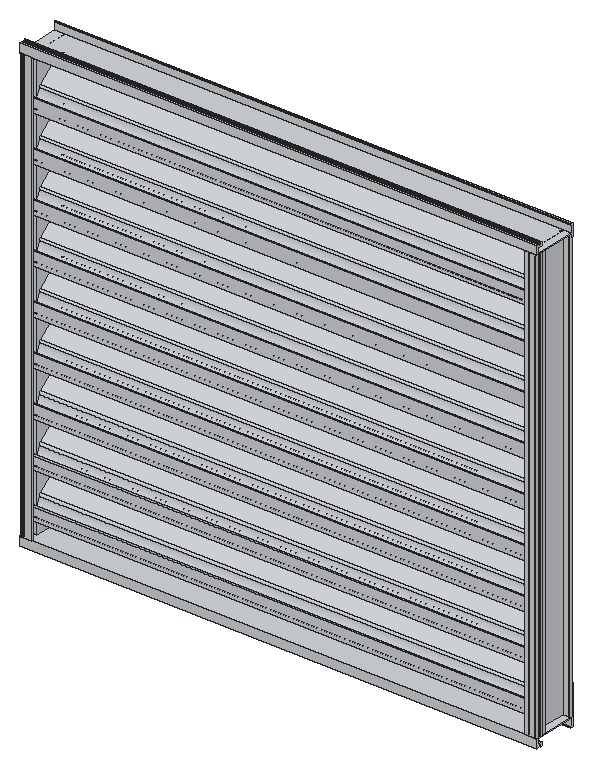
Revit family "LBD-4E", category Mechanical Equipment, Revit 2015
Parameters
  URL = "https://unitedenertech.com/catalog/pdf/A_33%20LBD-E,I.pdf"
  Type Comments = "Max. Single Section Size is (60\"w  x  120\"h)"
  Number of Blades [instance] = rounddown((Exact Height - 0' 3") / Blade Spacing)  # 9
  Model = "LBD-4E"
  Manufacturer = "United Enertech Corporation"
  Exact Width = 4' - 0"
  Exact Height = 3' - 6"
  Description = "4\" Combination Louver-Backdraft Damper"
  Depth = 0' - 4.162"
  Blade Spacing = 0' - 4 1/4"
  BW [instance] = Exact Width - 0' 1 11/16" - 0' 0 1/8"  # 3' - 10 3/16"
Reference planes (in)
  plane 1 "Center (Front/Back)": y = 0
  plane 2: z = 0
  plane 3 "Center (Left/Right)": x = 0
  plane 4: x = 48
  plane 5: y = 4.162
  plane 6: z = 42
  plane 7: x = 24
  plane 8: x = 0.834
  plane 9: x = 47.166
  plane 10: z = 41.125
  plane 11: z = 0.875
  plane 12: z = 39.13269
  plane 13: z = 2.17742
  plane 14: z = 40.95594
Forms (in)
  Extrusion 1, solid
    sketch origin (0, 5.41283, 10.13547) x (0, 0, -1) y (0, 1, 0)
      loop
        line (10.13547, -4.83183) -> (9.81047, -4.83183) -> (9.81047, -5.33183) -> (9.34147, -5.33183) -> (9.34147, -1.33183) -> (10.05447, -1.33183) -> (10.05447, -1.43883) -> (10.13547, -1.43883) -> (10.13547, -1.25083) -> (6.46047, -1.25083) -> (6.46047, -1.33183) -> (9.26047, -1.33183) -> (9.26047, -5.41283) -> (10.06047, -5.41283) -> (10.06047, -5.19483) -> (9.97947, -5.19483) -> (9.97947, -5.33183) -> (9.89147, -5.33183) -> (9.89147, -4.91283) -> (9.97947, -4.91283) -> (9.97947, -4.97583) -> (10.06047, -4.97583) -> (10.06047, -4.91283) -> (10.13547, -4.91283) -> (10.13547, -4.83183)
    from 0 to 48
  Extrusion 2, solid
    sketch origin (0, -23.24382, 44.20622) x (0, 1, 0) y (0, 0, 1)
      loop
        line (23.74382, -2.20622) -> (23.74382, -2.28122) -> (23.68082, -2.28122) -> (23.68082, -2.36222) -> (23.74382, -2.36222) -> (23.74382, -2.45022) -> (23.32482, -2.45022) -> (23.32482, -2.36222) -> (23.46182, -2.36222) -> (23.46182, -2.28122) -> (23.24382, -2.28122) -> (23.24382, -3.08122) -> (27.32482, -3.08122) -> (27.32482, -3.33122) -> (27.40582, -3.33122) -> (27.40582, -2.20622) -> (27.21782, -2.20622) -> (27.21782, -2.28722) -> (27.32482, -2.28722) -> (27.32482, -3.00022) -> (23.32482, -3.00022) -> (23.32482, -2.53122) -> (23.82482, -2.53122) -> (23.82482, -2.20622) -> (23.74382, -2.20622)
    from 0 to 48
  Extrusion 3, solid
    sketch origin (-8.88505, 11.19335, 0) x (1, 0, 0) y (0, 1, 0)
      loop
        line (10.01005, -11.11235) -> (9.71905, -11.11235) -> (9.71905, -11.00535) -> (9.63805, -11.00535) -> (9.63805, -11.11235) -> (9.18105, -11.11235) -> (9.18105, -10.61235) -> (9.01205, -10.61235) -> (9.01205, -10.27435) -> (9.71905, -10.27435) -> (9.71905, -7.16235) -> (10.01005, -7.16235) -> (10.01005, -7.11235) -> (8.88505, -7.11235) -> (8.88505, -7.30035) -> (8.96605, -7.30035) -> (8.96605, -7.19335) -> (9.63805, -7.19335) -> (9.63805, -10.19335) -> (8.93105, -10.19335) -> (8.93105, -10.61235) -> (8.88505, -10.61235) -> (8.88505, -10.69335) -> (8.93105, -10.69335) -> (8.93105, -10.75535) -> (9.01205, -10.75535) -> (9.01205, -10.69335) -> (9.10005, -10.69335) -> (9.10005, -11.11235) -> (9.01205, -11.11235) -> (9.01205, -10.97435) -> (8.93105, -10.97435) -> (8.93105, -11.19335) -> (10.01005, -11.19335) -> (10.01005, -11.11235)
    from 0.875 to 41.125
  Extrusion 4, solid
    sketch origin (58.3602, 6.89713, 0) x (-1, 0, 0) y (0, -1, 0)
      loop
        line (11.4852, 2.81613) -> (11.4852, 2.86613) -> (11.1942, 2.86613) -> (11.1942, 5.97813) -> (10.4872, 5.97813) -> (10.4872, 6.31613) -> (10.6562, 6.31613) -> (10.6562, 6.81613) -> (11.1132, 6.81613) -> (11.1132, 6.70913) -> (11.1942, 6.70913) -> (11.1942, 6.81613) -> (11.4852, 6.81613) -> (11.4852, 6.89713) -> (10.4062, 6.89713) -> (10.4062, 6.67813) -> (10.4872, 6.67813) -> (10.4872, 6.81613) -> (10.5752, 6.81613) -> (10.5752, 6.39713) -> (10.4872, 6.39713) -> (10.4872, 6.45913) -> (10.4062, 6.45913) -> (10.4062, 6.39713) -> (10.3602, 6.39713) -> (10.3602, 6.31613) -> (10.4062, 6.31613) -> (10.4062, 5.89713) -> (11.1132, 5.89713) -> (11.1132, 2.89713) -> (10.4412, 2.89713) -> (10.4412, 3.00413) -> (10.3602, 3.00413) -> (10.3602, 2.81613) -> (11.4852, 2.81613)
    from 0.875 to 41.125
Dimensions and locks (in)
  "Exact Width": plane 3 "Center (Left/Right)" to plane 4
  "Depth": plane 5 to plane 1 "Center (Front/Back)"  (x2)
  "Exact Width": plane 4 to plane 3 "Center (Left/Right)"
  equal spacing: plane 3 "Center (Left/Right)", plane 7, plane 4
  locked: plane 3 "Center (Left/Right)" to plane 8 at 0.834
  locked: plane 9 to plane 4 at 0.834
  "Exact Height": plane 6 to level
  locked: plane 11 to level at 0.875
  locked: plane 6 to plane 10 at 0.875
  equal spacing: group 1, group 2, group 3, group 4, group 5, group 6, group 7, group 8, group 9  (x2)
  equal spacing: group 9, group 8, group 7, group 6, group 5, group 4, group 3, group 2, group 1
  "Blade Spacing": nested 2 to nested 1
  locked: plane 6 to plane 12 at 2.86731
  locked: plane 13 to level at 2.17742
  locked: plane 6 to plane 14 at 1.04406
  aligned and locked: level to plane 2
  aligned and locked: level to Extrusion 1
  aligned and locked: plane 5 to Extrusion 1
  aligned and locked: plane 4 to Extrusion 1
  aligned and locked: Extrusion 1 to plane 3 "Center (Left/Right)"
  aligned and locked: plane 6 to Extrusion 2  (x2)
  aligned and locked: Extrusion 2 to plane 3 "Center (Left/Right)"
  aligned and locked: plane 4 to Extrusion 2
  aligned and locked: Extrusion 3 to plane 11
  aligned and locked: plane 10 to Extrusion 3
  aligned and locked: Extrusion 3 to Extrusion 3  (x3)
  aligned and locked: Extrusion 4 to plane 11
  aligned and locked: plane 10 to Extrusion 4
  aligned and locked: plane 4 to Extrusion 4
  aligned and locked: Extrusion 3 to Extrusion 2
  aligned and locked: Extrusion 4 to Extrusion 2
  aligned and locked: Extrusion 2 to plane 10
  aligned and locked: plane 7 to nested 1
  aligned and locked: plane 10 to nested 1
  aligned and locked: nested 1 to Extrusion 3
  aligned and locked: nested 2 to nested 1
Automatic sketch dimensions
  Extrusion 1 sketch curve to plane 5 = 0' - 0"
  plane 11 to Extrusion 1 sketch curve = 0' - 0"
  Extrusion 1 sketch curve to plane 1 "Center (Front/Back)" = 0' - 0"
  Extrusion 1 sketch curve to level = 0' - 0"  (x2)
  plane 11 to Extrusion 1 sketch curve = 0' - 2.8"
  Extrusion 1 sketch curve to Extrusion 1 sketch curve = 0' - 0.081"  (x3)
  level to Extrusion 1 sketch curve = 0' - 0.325"
  Extrusion 1 sketch curve to Extrusion 1 sketch curve = 0' - 0.088"  (x2)
  level to Extrusion 1 sketch curve = 0' - 0.081"
  level to Extrusion 1 sketch curve = 0' - 0.075"  (x2)
  Extrusion 1 sketch curve to plane 1 "Center (Front/Back)" = 0' - 0.081"  (x2)
  Extrusion 1 sketch curve to Extrusion 1 sketch curve = 0' - 0.137"
  Extrusion 1 sketch curve to Extrusion 1 sketch curve = 0' - 0.219"
  Extrusion 1 sketch curve to Extrusion 1 sketch curve = 0' - 0.063"  (x2)
  Extrusion 1 sketch curve to plane 5 = 0' - 0.188"
  Extrusion 1 sketch curve to plane 5 = 0' - 0.081"
  Extrusion 1 sketch curve to Extrusion 1 sketch curve = 0' - 0"
  Extrusion 2 sketch curve to plane 1 "Center (Front/Back)" = 0' - 0"
  Extrusion 2 sketch curve to plane 6 = 0' - 0"  (x2)
  plane 10 to Extrusion 2 sketch curve = 0' - 0"
  Extrusion 2 sketch curve to plane 5 = 0' - 0"
  Extrusion 2 sketch curve to plane 1 "Center (Front/Back)" = 0' - 0.081"  (x2)
  Extrusion 2 sketch curve to Extrusion 2 sketch curve = 0' - 0.137"
  Extrusion 2 sketch curve to plane 6 = 0' - 0.075"  (x2)
  Extrusion 2 sketch curve to Extrusion 2 sketch curve = 0' - 0.219"
  Extrusion 2 sketch curve to Extrusion 2 sketch curve = 0' - 0.063"  (x2)
  Extrusion 2 sketch curve to Extrusion 2 sketch curve = 0' - 0.081"  (x3)
  Extrusion 2 sketch curve to plane 5 = 0' - 0.188"
  Extrusion 2 sketch curve to plane 5 = 0' - 0.081"  (x2)
  Extrusion 2 sketch curve to plane 10 = 0' - 0 1/4"
  plane 10 to Extrusion 2 sketch curve = 0' - 0.081"
  Extrusion 2 sketch curve to Extrusion 2 sketch curve = 0' - 0 1/4"
  Extrusion 2 sketch curve to Extrusion 2 sketch curve = 0' - 0.088"
  Extrusion 2 sketch curve to plane 6 = 0' - 0.081"
  Extrusion 3 sketch curve to plane 3 "Center (Left/Right)" = 0' - 0"  (x2)
  plane 1 "Center (Front/Back)" to Extrusion 3 sketch curve = 0' - 0"
  Extrusion 3 sketch curve to plane 8 = 0' - 0"  (x2)
  Extrusion 3 sketch curve to Extrusion 3 sketch curve = 0' - 0.046"  (x2)
  plane 3 "Center (Left/Right)" to Extrusion 3 sketch curve = 0' - 0.046"
  plane 3 "Center (Left/Right)" to Extrusion 3 sketch curve = 0' - 0.081"
  Extrusion 3 sketch curve to Extrusion 3 sketch curve = 0' - 0.081"  (x8)
  Extrusion 3 sketch curve to Extrusion 3 sketch curve = 0' - 0.088"
  plane 8 to Extrusion 3 sketch curve = 0' - 0.081"
  Extrusion 3 sketch curve to plane 1 "Center (Front/Back)" = 0' - 0.081"  (x3)
  Extrusion 3 sketch curve to plane 8 = 0' - 0.291"  (x2)
  Extrusion 3 sketch curve to plane 5 = 0' - 0.131"
  Extrusion 3 sketch curve to Extrusion 3 sketch curve = 0' - 0.107"  (x2)
  Extrusion 3 sketch curve to Extrusion 3 sketch curve = 0' - 0.138"
  Extrusion 3 sketch curve to Extrusion 3 sketch curve = 0' - 0.219"
  Extrusion 3 sketch curve to Extrusion 3 sketch curve = 0' - 0.062"  (x2)
  Extrusion 3 sketch curve to Extrusion 3 sketch curve = 0' - 0.338"
  Extrusion 3 sketch curve to plane 5 = 0' - 0.269"
  Extrusion 3 sketch curve to plane 5 = 0' - 0.081"
  Extrusion 4 sketch curve to plane 4 = 0' - 0"  (x2)
  plane 1 "Center (Front/Back)" to Extrusion 4 sketch curve = 0' - 0"
  Extrusion 4 sketch curve to plane 9 = 0' - 0"  (x2)
  plane 4 to Extrusion 4 sketch curve = 0' - 0.046"  (x2)
  Extrusion 4 sketch curve to Extrusion 4 sketch curve = 0' - 0.046"
  plane 4 to Extrusion 4 sketch curve = 0' - 0.081"
  Extrusion 4 sketch curve to Extrusion 4 sketch curve = 0' - 0.081"  (x6)
  Extrusion 4 sketch curve to Extrusion 4 sketch curve = 0' - 0.088"
  plane 9 to Extrusion 4 sketch curve = 0' - 0.081"  (x2)
  Extrusion 4 sketch curve to plane 9 = 0' - 0.291"  (x2)
  plane 5 to Extrusion 4 sketch curve = 0' - 0.081"
  plane 1 "Center (Front/Back)" to Extrusion 4 sketch curve = 0' - 0.081"  (x3)
  Extrusion 4 sketch curve to Extrusion 4 sketch curve = 0' - 0.107"  (x2)
  Extrusion 4 sketch curve to Extrusion 4 sketch curve = 0' - 0.138"
  Extrusion 4 sketch curve to Extrusion 4 sketch curve = 0' - 0.219"
  Extrusion 4 sketch curve to Extrusion 4 sketch curve = 0' - 0.062"  (x2)
  Extrusion 4 sketch curve to Extrusion 4 sketch curve = 0' - 0"
  Extrusion 4 sketch curve to Extrusion 4 sketch curve = 0' - 0.338"
  Extrusion 4 sketch curve to Extrusion 4 sketch curve = 0' - 0.188"
  Extrusion 4 sketch curve to Extrusion 4 sketch curve = 0' - 0.05"
Nested families (in)
  nested 1: "Blades" at (24, 6.33967, 34.87134), type "Blades"
    with BW 3' - 10 3/16"
  nested 2: "Blades" at (24, 6.33967, 30.62134), type "Blades"
    with BW 3' - 10 3/16"
  nested 3: "Blades" at (24, 6.33967, 26.37134), type "Blades"
    with BW 3' - 10 3/16"
  nested 4: "Blades" at (24, 6.33967, 22.12134), type "Blades"
    with BW 3' - 10 3/16"
  nested 5: "Blades" at (24, 6.33967, 17.87134), type "Blades"
    with BW 3' - 10 3/16"
  nested 6: "Blades" at (24, 6.33967, 13.62134), type "Blades"
    with BW 3' - 10 3/16"
  nested 7: "Blades" at (24, 6.33967, 9.37134), type "Blades"
    with BW 3' - 10 3/16"
  nested 8: "Blades" at (24, 6.33967, 5.12134), type "Blades"
    with BW 3' - 10 3/16"
  nested 9: "Blades" at (24, 6.33967, 0.87134), type "Blades"
    with BW 3' - 10 3/16"
Definition of nested family "Blades"
  Parameters (values of type "Blades")
    BW = 2' - 0"
  Reference planes (in)
    plane 1 "Center (Front/Back)": y = 0
    plane 2: z = 0
    plane 3 "Center (Left/Right)": x = 0
    plane 4: x = -12
    plane 5: x = 12
  Forms (in)
    Extrusion 1, solid
      sketch origin (0, 0, 0) x (0, 1, 0) y (0, 0, 1)
        loop
          line (-2.46597, 6.17266) -> (-2.33967, 6.17266) -> (-2.33967, 5.80599) -> (-2.52394, 5.42255)
          arc (-2.52394, 5.42255) -> (-2.56598, 5.35096) -> (-2.61929, 5.28732) r 0.5
          line (-2.61929, 5.28732) -> (-3.0478, 5.28732) -> (-3.04774, 5.20629) -> (-2.72361, 5.20629) -> (-3.12749, 4.99148) -> (-5.11941, 3.36352)
          arc (-5.11941, 3.36352) -> (-5.20113, 3.27025) -> (-5.24796, 3.15543) r 0.375
          arc (-5.24796, 3.15543) -> (-5.42512, 2.6013) -> (-5.83868, 2.19211) r 1.22056
          line (-5.83868, 2.19211) -> (-5.91249, 2.13335)
          arc (-5.91249, 2.13335) -> (-5.99586, 2.01052) -> (-5.99466, 1.86208) r 0.2494
          line (-5.99466, 1.86208) -> (-6.12753, 1.77721) -> (-6.12806, 2.71899) -> (-5.92012, 2.64713) -> (-5.89415, 2.72386) -> (-6.20912, 2.8327) -> (-6.20844, 1.62941) -> (-5.95751, 1.78969)
          arc (-5.95751, 1.78969) -> (-5.91121, 1.74209) -> (-5.85399, 1.70839) r 0.2494
          line (-5.85399, 1.70839) -> (-5.82062, 1.73307) -> (-5.82336, 1.78382)
          arc (-5.82336, 1.78382) -> (-5.84316, 2.08255) -> (-5.58987, 1.92293) r 0.168
          line (-5.58987, 1.92293) -> (-5.52997, 2.04108)
          arc (-5.52997, 2.04108) -> (-5.60115, 2.1328) -> (-5.70615, 2.18235) r 0.2494
          arc (-5.70615, 2.18235) -> (-5.33023, 2.60301) -> (-5.16763, 3.14322) r 1.30156
          arc (-5.16763, 3.14322) -> (-5.1307, 3.2301) -> (-5.06815, 3.3008) r 0.294
          line (-5.06815, 3.3008) -> (-3.08241, 4.92372) -> (-2.75609, 5.09727)
          arc (-2.75609, 5.09727) -> (-2.73344, 4.91628) -> (-2.5935, 4.79928) r 0.249
          line (-2.5935, 4.79928) -> (-2.52494, 4.86784)
          arc (-2.52494, 4.86784) -> (-2.64055, 5.14701) -> (-2.34957, 5.06559) r 0.168
          line (-2.34957, 5.06559) -> (-2.29099, 5.04746) -> (-2.26828, 5.07017)
          arc (-2.26828, 5.07017) -> (-2.34617, 5.21869) -> (-2.50059, 5.28413) r 0.249
          line (-2.50059, 5.28413) -> (-2.25867, 5.78754) -> (-2.25867, 6.25366) -> (-2.46597, 6.25366) -> (-2.46597, 6.17266)
      from -12 to 12
    Extrusion 2, solid
      sketch origin (0, 0, 0) x (0, 1, 0) y (0, 0, 1)
        loop
          line (-2.34954, 1.86361) -> (-2.53649, 1.8779) -> (-2.29485, 5.03885) -> (-2.36038, 5.05723)
          arc (-2.36038, 5.05723) -> (-2.47927, 5.18742) -> (-2.64362, 5.12361) r 0.156
          line (-2.64362, 5.12361) -> (-2.59392, 5.08962)
          arc (-2.59392, 5.08962) -> (-2.41935, 5.02824) -> (-2.60122, 4.99411) r 0.09579
          line (-2.60122, 4.99411) -> (-2.65551, 4.96806)
          arc (-2.65551, 4.96806) -> (-2.52546, 4.8799) -> (-2.38465, 4.94963) r 0.156
          line (-2.38465, 4.94963) -> (-2.36645, 4.92363) -> (-2.60369, 1.8203) -> (-2.35431, 1.80124) -> (-2.34954, 1.86361)
      from -12 to 12
  Dimensions and locks (in)
    equal spacing: plane 5, plane 3 "Center (Left/Right)", plane 4
    "BW": plane 5 to plane 4
    aligned and locked: level to plane 2
    aligned and locked: Extrusion 1 to plane 4
    aligned and locked: Extrusion 2 to plane 4
    aligned and locked: Extrusion 1 to plane 5
    aligned and locked: Extrusion 2 to plane 5
  Automatic sketch dimensions
    Extrusion 1 sketch curve to Extrusion 1 sketch curve = 0' - 0"  (x22)
    plane 1 "Center (Front/Back)" to Extrusion 1 sketch curve = 0' - 6.46563"
    level to Extrusion 1 sketch curve = 0' - 2.8327"
    Extrusion 1 sketch curve to Extrusion 1 sketch curve = 0' - 0.25651"
    level to Extrusion 1 sketch curve = 0' - 1.62941"
    Extrusion 1 sketch curve to Extrusion 1 sketch curve = 0' - 0.00068"
    level to Extrusion 1 sketch curve = 0' - 2.71899"
    Extrusion 1 sketch curve to Extrusion 1 sketch curve = 0' - 0.08106"
    level to Extrusion 1 sketch curve = 0' - 1.77721"
    Extrusion 1 sketch curve to Extrusion 1 sketch curve = 0' - 0.08092"
    level to Extrusion 1 sketch curve = 0' - 1.86208"
    Extrusion 1 sketch curve to Extrusion 1 sketch curve = 0' - 0.13287"
    level to Extrusion 1 sketch curve = 0' - 1.78969"
    Extrusion 1 sketch curve to Extrusion 1 sketch curve = 0' - 0.03715"
    level to Extrusion 1 sketch curve = 0' - 2.64713"
    Extrusion 1 sketch curve to Extrusion 1 sketch curve = 0' - 0.20794"
    level to Extrusion 1 sketch curve = 0' - 2.13335"
    Extrusion 1 sketch curve to Extrusion 1 sketch curve = 0' - 0.08216"
    level to Extrusion 1 sketch curve = 0' - 2.72386"
    Extrusion 1 sketch curve to Extrusion 1 sketch curve = 0' - 0.02596"
    level to Extrusion 1 sketch curve = 0' - 1.70839"
    Extrusion 1 sketch curve to Extrusion 1 sketch curve = 0' - 0.10352"
    level to Extrusion 1 sketch curve = 0' - 2.19211"
    Extrusion 1 sketch curve to Extrusion 1 sketch curve = 0' - 0.07382"
    level to Extrusion 1 sketch curve = 0' - 1.78382"
    Extrusion 1 sketch curve to Extrusion 1 sketch curve = 0' - 0.03063"
    level to Extrusion 1 sketch curve = 0' - 1.73307"
    Extrusion 1 sketch curve to Extrusion 1 sketch curve = 0' - 0.03338"
    level to Extrusion 1 sketch curve = 0' - 1.92293"
    level to Extrusion 1 sketch curve = 0' - 2.04108"
    Extrusion 1 sketch curve to Extrusion 1 sketch curve = 0' - 0.0599"
    level to Extrusion 1 sketch curve = 0' - 3.36352"
    Extrusion 1 sketch curve to Extrusion 1 sketch curve = 0' - 0.77475"
    level to Extrusion 1 sketch curve = 0' - 3 77/256"
    Extrusion 1 sketch curve to Extrusion 1 sketch curve = 0' - 0.05126"
    Extrusion 1 sketch curve to Extrusion 1 sketch curve = 0' - 0.18605"
    Extrusion 1 sketch curve to Extrusion 1 sketch curve = 0' - 1.99192"
    Extrusion 1 sketch curve to Extrusion 1 sketch curve = 0' - 0.04508"
    Extrusion 1 sketch curve to Extrusion 1 sketch curve = 0' - 0.0797"
    Extrusion 1 sketch curve to Extrusion 1 sketch curve = 0' - 0.00006"
    Extrusion 1 sketch curve to Extrusion 1 sketch curve = 0' - 0.07319"
    Extrusion 1 sketch curve to Extrusion 1 sketch curve = 0' - 0.29165"
    Extrusion 1 sketch curve to Extrusion 1 sketch curve = 0' - 0.03248"
    Extrusion 1 sketch curve to Extrusion 1 sketch curve = 0' - 0.10431"
    Extrusion 1 sketch curve to Extrusion 1 sketch curve = 0' - 0.16259"
    Extrusion 1 sketch curve to Extrusion 1 sketch curve = 0' - 0.06856"  (x2)
    Extrusion 1 sketch curve to Extrusion 1 sketch curve = 0' - 0.09536"
    Extrusion 1 sketch curve to Extrusion 1 sketch curve = 0' - 0.01008"
    Extrusion 1 sketch curve to Extrusion 1 sketch curve = 0' - 0.11871"
    Extrusion 1 sketch curve to Extrusion 1 sketch curve = 0' - 0.50864"
    Extrusion 1 sketch curve to Extrusion 1 sketch curve = 0' - 0.16529"
    Extrusion 1 sketch curve to Extrusion 1 sketch curve = 0' - 0.12629"
    Extrusion 1 sketch curve to Extrusion 1 sketch curve = 0' - 0 15/256"
    Extrusion 1 sketch curve to Extrusion 1 sketch curve = 0' - 0.02271"  (x2)
    Extrusion 1 sketch curve to Extrusion 1 sketch curve = 0' - 0.081"  (x2)
    Extrusion 1 sketch curve to Extrusion 1 sketch curve = 0' - 0.22764"
    Extrusion 1 sketch curve to Extrusion 1 sketch curve = 0' - 0.40664"
    Extrusion 1 sketch curve to Extrusion 1 sketch curve = 0' - 1.72613"
    Extrusion 1 sketch curve to Extrusion 1 sketch curve = 0' - 0.12443"
    Extrusion 1 sketch curve to Extrusion 1 sketch curve = 0' - 0.06777"
    Extrusion 1 sketch curve to Extrusion 1 sketch curve = 0' - 0.1677"
    Extrusion 1 sketch curve to Extrusion 1 sketch curve = 0' - 0.01813"
    Extrusion 1 sketch curve to Extrusion 1 sketch curve = 0' - 0.2148"
    Extrusion 1 sketch curve to Extrusion 1 sketch curve = 0' - 0.08104"
    Extrusion 1 sketch curve to Extrusion 1 sketch curve = 0' - 0.13842"
    Extrusion 1 sketch curve to Extrusion 1 sketch curve = 0' - 0.36499"
    Extrusion 1 sketch curve to Extrusion 1 sketch curve = 0' - 0.01845"
    Extrusion 1 sketch curve to Extrusion 1 sketch curve = 0' - 0.36667"
    Extrusion 1 sketch curve to Extrusion 1 sketch curve = 0' - 0.13253"
    Extrusion 2 sketch curve to Extrusion 2 sketch curve = 0' - 0"  (x6)
    plane 1 "Center (Front/Back)" to Extrusion 2 sketch curve = 0' - 2.65551"
    Extrusion 2 sketch curve to Extrusion 2 sketch curve = 0' - 0.01189"
    plane 1 "Center (Front/Back)" to Extrusion 2 sketch curve = 0' - 2.60369"
    Extrusion 2 sketch curve to Extrusion 2 sketch curve = 0' - 0.05429"
    Extrusion 2 sketch curve to Extrusion 2 sketch curve = 0' - 0.0497"
    Extrusion 2 sketch curve to Extrusion 2 sketch curve = 0' - 0.0672"
    Extrusion 2 sketch curve to Extrusion 2 sketch curve = 0' - 0.07906"
    Extrusion 2 sketch curve to Extrusion 2 sketch curve = 0' - 0.13021"
    Extrusion 2 sketch curve to Extrusion 2 sketch curve = 0' - 0.0182"
    Extrusion 2 sketch curve to Extrusion 2 sketch curve = 0' - 0.02427"
    Extrusion 2 sketch curve to Extrusion 2 sketch curve = 0' - 0.18218"
    level to Extrusion 2 sketch curve = 0' - 1.86361"
    Extrusion 2 sketch curve to Extrusion 2 sketch curve = 0' - 0.00477"
    Extrusion 2 sketch curve to Extrusion 2 sketch curve = 0' - 0.06553"
    Extrusion 2 sketch curve to Extrusion 2 sketch curve = 0' - 0.04331"
    Extrusion 2 sketch curve to Extrusion 2 sketch curve = 0' - 0.02599"
    Extrusion 2 sketch curve to Extrusion 2 sketch curve = 0' - 0.01844"
    Extrusion 2 sketch curve to Extrusion 2 sketch curve = 0' - 0.02604"
    Extrusion 2 sketch curve to Extrusion 2 sketch curve = 0' - 0.01838"
